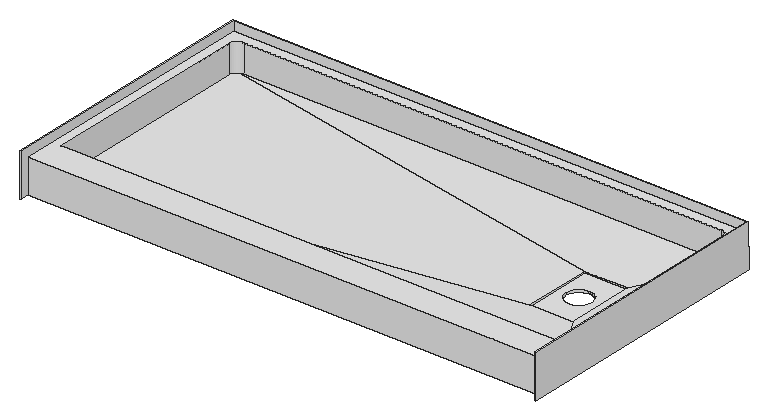
Revit family "P6030SQ.V2 L-R", category Plumbing Fixtures, Revit 2019
Family settings
  Round Connector Dimension = Use Diameter
  Part Type = Normal
  OmniClass Number = 23.45.05.14.17
  OmniClass Title = Showers
  Work Plane-Based = No
  Always vertical = Yes
  Cut with Voids When Loaded = No
  Shared = No
  Room Calculation Point = No
Parameters (values of type "P6030SQ.V2 L/R")
  Unit Width = 60"
  Unit Height = 5"
  Unit Depth = 31"
  URL = "http://www.bestbath.com/"
  Type Comments = "Remodeler"
  Model = "P6030SQ.V2 L/R"
  Material [instance] = Best Bath Gelcoat Fiberglass - RealTile
  Manufacturer = "Best Bath Systems, Inc."
  Keynote = "22 40 00.B3"
  Description = ""
  Assembly Code = "D2010710"
Reference planes (in)
  plane 1: z = 0
  plane 2 "Left": x = 0
  plane 3: z = 4
  plane 4: z = 5
  plane 5: y = 6.36165
  plane 6: y = 36.36165
  plane 7: x = 60
  plane 8: y = 35.11165
  plane 9: y = 22.36165
  plane 10: x = 51.5
  plane 11: z = 0.375
  plane 12: z = 0.75
  plane 13: z = 4
  plane 14: y = 5.36165
Forms (in)
  Extrusion 1, solid, material "Best Bath Gelcoat Fiberglass - Smooth"
    sketch origin (0, 0, 0) x (1, 0, 0) y (0, 1, 0)
      loop
        line (0, 6.36165) -> (60, 6.36165) -> (60, 36.36165) -> (0, 36.36165) -> (0, 6.36165)
      loop
        line (49, 26.36165) -> (49, 18.36165) -> (53.97344, 18.36165) -> (53.97344, 26.36165) -> (49, 26.36165)
    from 0 to 0.75
  Blend 2, void
    base sketch origin (0, 0, 0) x (1, 0, 0) y (0, 1, 0)
      loop
        line (1.25, 10.38049) -> (58.75, 10.38049) -> (58.75, 35.11165) -> (1.25, 35.11165) -> (1.25, 10.38049)
    top sketch origin (0, 0, 0) x (1, 0, 0) y (0, 1, 0)
      loop
        line (49, 26.36165) -> (49, 18.36165) -> (53.97344, 18.36165) -> (53.97344, 26.36165) -> (49, 26.36165)
    from 0.75 to 0.375
  Extrusion 3, solid, material "Best Bath Gelcoat Fiberglass - Smooth"
    sketch origin (0, 0, 0) x (1, 0, 0) y (0, 1, 0)
      loop
        line (0, 36.36165) -> (0, 6.36165) -> (1.25, 6.36165) -> (1.25, 34.11165)
        arc (1.25, 34.11165) -> (1.54289, 34.81875) -> (2.25, 35.11165) r 1
        line (2.25, 35.11165) -> (57.75, 35.11165)
        arc (57.75, 35.11165) -> (58.45711, 34.81875) -> (58.75, 34.11165) r 1
        line (58.75, 34.11165) -> (58.75, 6.36165) -> (60, 6.36165) -> (60, 35.11165) -> (60, 36.36165) -> (0, 36.36165)
    from 0 to 4
  Sweep 4, solid, material "Best Bath Gelcoat Fiberglass - Smooth"
    path origin (0, 0, 0) x (1, 0, 0) y (0, 1, 0)
      loop
        line (1.25, 6.36165) -> (58.75, 6.36165)
    profile origin (30, 6.36165, 0) x (0, 1, 0) y (0, 0, 1)
      loop
        line (0, 0) -> (4.15, 0) -> (3.35, 4) -> (0, 4) -> (0, 0)
  Extrusion 5, solid, material "Best Bath Gelcoat Fiberglass - Smooth"
    sketch origin (0, 0, 0) x (1, 0, 0) y (0, 1, 0)
      loop
        line (0, 36.36165) -> (0, 5.36165) -> (0.125, 5.36165) -> (0.125, 36.23665) -> (59.875, 36.23665) -> (59.875, 5.36165) -> (60, 5.36165) -> (60, 36.36165) -> (0, 36.36165)
    from 0 to 5
  Extrusion 6, solid, material "Best Bath Gelcoat Fiberglass - Smooth"
    sketch origin (0, 0, 0) x (1, 0, 0) y (0, 1, 0)
      loop
        line (49, 26.36165) -> (49, 18.36165) -> (53.97344, 18.36165) -> (53.97344, 26.36165) -> (49, 26.36165)
    from 0 to 0.25
  Extrusion 7, void
    sketch origin (0, 0, 0) x (1, 0, 0) y (0, 1, 0)
      loop
        circle (51.5, 22.36165) r 1.5
    from 0 to 0.5
Cuts and joins
  Blend 2 cuts Extrusion 1
  Extrusion 7 cuts Extrusion 6
  joined: Extrusion 1, Extrusion 3, Sweep 4, Extrusion 5, Extrusion 6
Dimensions and locks (in)
  locked: plane 4 to plane 3 at 1
  "Unit Height": plane 4 to level
  plane 2 "Left" to plane 10 to plane 7 = 51 1/2", 8 1/2" locked
  "Unit Width": plane 2 "Left" to plane 7
  plane 6 to plane 8 = 1 1/4"
  locked: plane 6 to plane 9 at 14
  locked: plane 12 to level at 0.75
  locked: plane 12 to plane 11 at 0.375
  locked: plane 13 to level at 4
  locked: plane 5 to plane 14 at 1
  "Unit Depth": plane 6 to plane 14
  aligned and locked: level to plane 1
  aligned and locked: Extrusion 1 sketch curve to plane 5
  aligned and locked: Extrusion 1 sketch curve to plane 2 "Left"
  aligned and locked: plane 6 to Extrusion 1 sketch curve
  aligned and locked: Extrusion 1 sketch curve to plane 7
  aligned and locked: plane 12 to Extrusion 1
  aligned and locked: Extrusion 1 to Blend 2  (x2)
  aligned and locked: Blend 2 to plane 11
  aligned and locked: plane 13 to Extrusion 3
  aligned and locked: plane 4 to Extrusion 5
Automatic sketch dimensions
  Blend 2 sketch curve to plane 8 = 0"
  plane 2 "Left" to Blend 2 sketch curve = 1 1/4"
  plane 7 to Blend 2 sketch curve = 1 1/4"
  plane 5 to Blend 2 sketch curve = 4.01884"
  Extrusion 3 sketch curve to plane 2 "Left" = 0"
  Extrusion 3 sketch curve to plane 5 = 0"  (x2)
  Extrusion 3 sketch curve to plane 8 = 0"  (x2)
  Extrusion 3 sketch curve to plane 7 = 0"
  Extrusion 3 sketch curve to plane 6 = 0"
  Extrusion 3 sketch curve to Extrusion 3 sketch curve = 1 1/4"
  Extrusion 3 sketch curve to Extrusion 3 sketch curve = 1"
  Extrusion 3 sketch curve to plane 8 = 1"
  plane 7 to Extrusion 3 sketch curve = 2 1/4"
  Sweep 4 sketch curve to plane 5 = 0"
  plane 2 "Left" to Sweep 4 sketch curve = 1 1/4"
  plane 7 to Sweep 4 sketch curve = 1 1/4"
  Sweep 4 sketch curve to profile plane = 0"
  Sweep 4 sketch curve to level = 0"
  Sweep 4 sketch curve to profile plane = 3.35"
  Sweep 4 sketch curve to Sweep 4 sketch curve = 0.8"
  level to Sweep 4 sketch curve = 4"
  Extrusion 1 sketch curve to plane 10 = 2 1/2"
  plane 10 to Extrusion 1 sketch curve = 2.47344"
  Extrusion 1 sketch curve to plane 9 = 4"
  plane 9 to Extrusion 1 sketch curve = 4"
  Blend 2 sketch curve to plane 10 = 2 1/2"
  plane 10 to Blend 2 sketch curve = 2.47344"
  Blend 2 sketch curve to plane 9 = 4"
  plane 9 to Blend 2 sketch curve = 4"
  Extrusion 6 sketch curve to plane 10 = 2 1/2"
  plane 10 to Extrusion 6 sketch curve = 2.47344"
  Extrusion 6 sketch curve to plane 9 = 4"
  plane 9 to Extrusion 6 sketch curve = 4"
  Extrusion 7 sketch curve to plane 9 = 0"
  Extrusion 7 sketch curve to plane 10 = 0"
  Extrusion 5 sketch curve to plane 2 "Left" = 0"
  Extrusion 5 sketch curve to plane 14 = 0"  (x2)
  Extrusion 5 sketch curve to plane 7 = 0"
  Extrusion 5 sketch curve to plane 6 = 0"
  plane 2 "Left" to Extrusion 5 sketch curve = 1/8"
  Extrusion 5 sketch curve to Extrusion 5 sketch curve = 1/8"
  Extrusion 5 sketch curve to plane 6 = 1/8"
  radius of Extrusion 7 sketch curve = 1 1/2"
